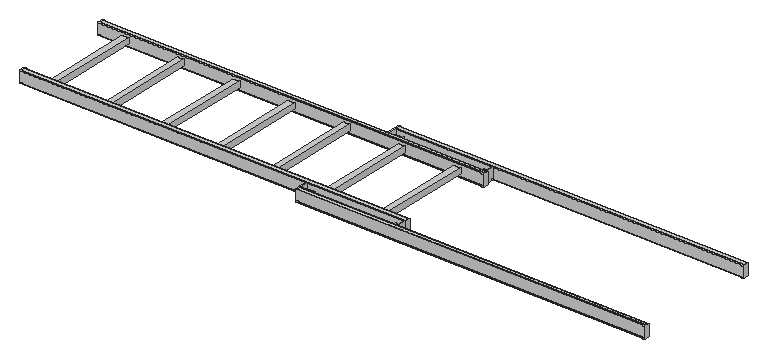
Revit family "EV_TOP LADDER_1857210", category Generic Models, Revit 2018
Family settings
  Can host rebar = No
  Round Connector Dimension = Use Diameter
  Part Type = Normal
  OmniClass Number = 35.51.14.00
  OmniClass Title = FORMWORK
  Work Plane-Based = Yes
  Always vertical = No
  Cut with Voids When Loaded = No
  Shared = Yes
  Room Calculation Point = No
Parameters
  VERSION = "20170217"  # constant formula
  URL = "www.ulmaconstruction.com/en"
  UNICLASS = ""
  Manufacturer = "ULMA CONSTRUCTION"  # constant formula
  ITEM_WEIGHT = 19.10 kg
  ITEM_CODE = "1857210"
  FILTER [instance] = ""
  Default Elevation = 0.000 mm
  CLASSIFICATION_TITLE = ""
  CLASSIFICATION_NUMBER = ""
Reference planes
  plane 1 "Centro (Frontal/Posterior)": y = 0
  plane 2: z = 0
  plane 3 "Centro (Izquierda/Derecha)": x = 0
  plane 4 "MIDDLE": z = 30
Forms (mm)
  Extrusion 1, solid, material "ULMA ZINC"
    sketch origin (0, 0, 0) x (0, 1, 0) y (0, 0, 1)
      loop
        arc (12.5, 57) -> (11.621, 59.121) -> (9.5, 60) r 3
        line (9.5, 60) -> (-9.5, 60)
        arc (-9.5, 60) -> (-11.621, 59.121) -> (-12.5, 57) r 3
        line (-12.5, 57) -> (-12.5, 3)
        arc (-12.5, 3) -> (-11.621, 0.879) -> (-9.5, 0) r 3
        line (-9.5, 0) -> (9.5, 0)
        arc (9.5, 0) -> (11.621, 0.879) -> (12.5, 3) r 3
        line (12.5, 3) -> (12.5, 57)
    from -1836 to 119
  Extrusion 2, solid, material "ULMA ZINC"
    sketch origin (0, 495, 0) x (0, 1, 0) y (0, 0, 1)
      loop
        arc (12.5, 57) -> (11.621, 59.121) -> (9.5, 60) r 3
        line (9.5, 60) -> (-9.5, 60)
        arc (-9.5, 60) -> (-11.621, 59.121) -> (-12.5, 57) r 3
        line (-12.5, 57) -> (-12.5, 3)
        arc (-12.5, 3) -> (-11.621, 0.879) -> (-9.5, 0) r 3
        line (-9.5, 0) -> (9.5, 0)
        arc (9.5, 0) -> (11.621, 0.879) -> (12.5, 3) r 3
        line (12.5, 3) -> (12.5, 57)
    from -1836 to 119
  Extrusion 3, solid, material "ULMA ZINC"
    sketch origin (0, -65, 0) x (0, 1, 0) y (0, 0, 1)
      loop
        arc (12.5, 57) -> (11.621, 59.121) -> (9.5, 60) r 3
        line (9.5, 60) -> (-9.5, 60)
        arc (-9.5, 60) -> (-11.621, 59.121) -> (-12.5, 57) r 3
        line (-12.5, 57) -> (-12.5, 3)
        arc (-12.5, 3) -> (-11.621, 0.879) -> (-9.5, 0) r 3
        line (-9.5, 0) -> (9.5, 0)
        arc (9.5, 0) -> (11.621, 0.879) -> (12.5, 3) r 3
        line (12.5, 3) -> (12.5, 57)
    from -386 to 1384
  Extrusion 4, solid, material "ULMA ZINC"
    sketch origin (0, 560, 0) x (0, 1, 0) y (0, 0, 1)
      loop
        arc (12.5, 57) -> (11.621, 59.121) -> (9.5, 60) r 3
        line (9.5, 60) -> (-9.5, 60)
        arc (-9.5, 60) -> (-11.621, 59.121) -> (-12.5, 57) r 3
        line (-12.5, 57) -> (-12.5, 3)
        arc (-12.5, 3) -> (-11.621, 0.879) -> (-9.5, 0) r 3
        line (-9.5, 0) -> (9.5, 0)
        arc (9.5, 0) -> (11.621, 0.879) -> (12.5, 3) r 3
        line (12.5, 3) -> (12.5, 57)
    from -386 to 1384
  Extrusion 5, solid, material "ULMA ZINC"
    sketch origin (0, 0, 0) x (1, 0, 0) y (0, 0, 1)
      loop
        line (69, 35) -> (69, 25) -> (109, 25) -> (109, 0) -> (114, 0) -> (114, 60) -> (109, 60) -> (109, 35) -> (69, 35)
    from 12.5 to 52.5
  Extrusion 6, solid, material "ULMA ZINC"
    sketch origin (0, 0, 0) x (1, 0, 0) y (0, 0, 1)
      loop
        line (69, 35) -> (69, 25) -> (109, 25) -> (109, 0) -> (114, 0) -> (114, 60) -> (109, 60) -> (109, 35) -> (69, 35)
    from -547.5 to -507.5
  Extrusion 7, solid, material "ULMA ZINC"
    sketch origin (-272, 0, 0) x (-1, 0, 0) y (0, 0, -1)
      loop
        line (69, -35) -> (109, -35) -> (109, -60) -> (114, -60) -> (114, 0) -> (109, 0) -> (109, -25) -> (69, -25) -> (69, -35)
    from -547.5 to -507.5
  Extrusion 8, solid, material "ULMA ZINC"
    sketch origin (-272, 0, 0) x (-1, 0, 0) y (0, 0, -1)
      loop
        line (69, -35) -> (109, -35) -> (109, -60) -> (114, -60) -> (114, 0) -> (109, 0) -> (109, -25) -> (69, -25) -> (69, -35)
    from 12.5 to 52.5
  Extrusion 9, solid, material "ULMA ZINC"
    sketch origin (1680, 0, 0) x (1, 0, 0) y (0, 0, 1)
      loop
        line (-1710, 45) -> (-1710, 43) -> (-1684, 43) -> (-1684, 17) -> (-1710, 17) -> (-1710, 15) -> (-1680, 15) -> (-1680, 45) -> (-1710, 45)
    from -482.5 to -12.5
  Extrusion 10, solid, material "ULMA ZINC"
    sketch origin (1400, 0, 0) x (1, 0, 0) y (0, 0, 1)
      loop
        line (-1710, 45) -> (-1710, 43) -> (-1684, 43) -> (-1684, 17) -> (-1710, 17) -> (-1710, 15) -> (-1680, 15) -> (-1680, 45) -> (-1710, 45)
    from -482.5 to -12.5
  Extrusion 11, solid, material "ULMA ZINC"
    sketch origin (1120, 0, 0) x (1, 0, 0) y (0, 0, 1)
      loop
        line (-1710, 45) -> (-1710, 43) -> (-1684, 43) -> (-1684, 17) -> (-1710, 17) -> (-1710, 15) -> (-1680, 15) -> (-1680, 45) -> (-1710, 45)
    from -482.5 to -12.5
  Extrusion 12, solid, material "ULMA ZINC"
    sketch origin (840, 0, 0) x (1, 0, 0) y (0, 0, 1)
      loop
        line (-1710, 45) -> (-1710, 43) -> (-1684, 43) -> (-1684, 17) -> (-1710, 17) -> (-1710, 15) -> (-1680, 15) -> (-1680, 45) -> (-1710, 45)
    from -482.5 to -12.5
  Extrusion 13, solid, material "ULMA ZINC"
    sketch origin (560, 0, 0) x (1, 0, 0) y (0, 0, 1)
      loop
        line (-1710, 45) -> (-1710, 43) -> (-1684, 43) -> (-1684, 17) -> (-1710, 17) -> (-1710, 15) -> (-1680, 15) -> (-1680, 45) -> (-1710, 45)
    from -482.5 to -12.5
  Extrusion 14, solid, material "ULMA ZINC"
    sketch origin (280, 0, 0) x (1, 0, 0) y (0, 0, 1)
      loop
        line (-1710, 45) -> (-1710, 43) -> (-1684, 43) -> (-1684, 17) -> (-1710, 17) -> (-1710, 15) -> (-1680, 15) -> (-1680, 45) -> (-1710, 45)
    from -482.5 to -12.5
  Extrusion 15, solid, material "ULMA ZINC"
    sketch origin (0, 0, 0) x (1, 0, 0) y (0, 0, 1)
      loop
        line (-1710, 45) -> (-1710, 43) -> (-1684, 43) -> (-1684, 17) -> (-1710, 17) -> (-1710, 15) -> (-1680, 15) -> (-1680, 45) -> (-1710, 45)
    from -482.5 to -12.5
Lines and regions (mm)
  model lines, style "ULMA STAIR", detail levels fine
    curve 1: circle (-1808.5, -12.5, 30) r 6.25 normal (0, -1, 0)
    curve 2: circle (-1808.5, 12.5, 30) r 6.25 normal (0, -1, 0)
    curve 3: circle (-1808.5, 482.5, 30) r 6.25 normal (0, -1, 0)
    curve 4: circle (-1808.5, 507.5, 30) r 6.25 normal (0, -1, 0)
Dimensions and locks
  aligned and locked: plane 2 to level
